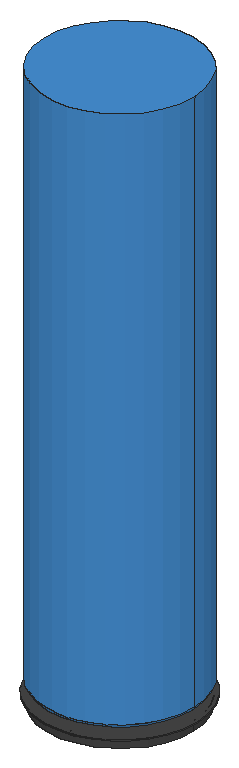
Revit family "Haworth_BuzziTotem_Cylinder", category Furniture, Revit 2018
Family settings
  OmniClass Number = 23.40.70.14.64.21
  OmniClass Title = Systems Furniture
  Work Plane-Based = No
  Always vertical = Yes
  Cut with Voids When Loaded = No
  Shared = No
  Room Calculation Point = No
Parameters (values of type "HCBZ-TTS2-32")
  Warranty = "http://www.haworth.com/resources/product-info/warranties"
  Upholstery Finish [instance] = Haworth _ Fabric _ Trevira CS _ Lavender BCS-6006
  URL - Product = "https://www.haworth.com/products/architectural-interiors/acoustic-solutions/buzzitotem"
  URL = "http://www.haworth.com/our-brands/haworth-collection"
  Small = no
  Size = "Verify Final Dim. w/ Haworth"  # constant formula
  Revision Number = "1"  # constant formula
  Model = "HCBZ-TTS2"  # constant formula
  Medium = no
  Manufacturer = "Haworth"  # constant formula
  Large = not(or(Medium, Small))  # yes
  Description = "Haworth BuzziTotem Cylinder Large"
  Casters = no
  Base Finish [instance] = Haworth _ Paint _ Black BTR-9005
  Author = "Haworth (Abd Rahman)"  # constant formula
  Assembly Code = "E2020200"
  Actual Width = 20.46875"  # constant formula
  Actual Height = if(Small, 47.23828", if(Medium, 61.01953", 74.80078"))  # 74.80078"
  Actual Depth = 20.46875"  # constant formula
Types (3): name | Small | Medium | Large | Description | Actual Height
  HCBZ-TTS2-32 | no | no | yes | "Haworth BuzziTotem Cylinder Large" | 74.80078"
  HCBZ-TTS2-22 | no | yes | no | "Haworth BuzziTotem Cylinder Medium" | 61.01953"
  HCBZ-TTS2-12 | yes | no | no | "Haworth BuzziTotem Cylinder Small" | 47.23828"
Reference planes (in)
  plane 1: z = 0
  plane 2 "Back": y = 11.98437
  plane 3 "Front": y = -8.48438
  plane 4 "Top": z = 74.80078
  plane 5 "Right": x = 42.54045
  plane 6 "Left": x = 22.0717
  plane 7: x = 32.30608
  plane 8: y = 1.75
  plane 9: z = 2.51969
  plane 10: z = 1.29921
  plane 11: z = 1.1811
  plane 12: z = 2.86758
Forms (in)
  Extrusion 1, solid, material "Haworth _ Paint _ Black BTR-9005" <- "Base Finish"
    sketch origin (0, 0, 0) x (1, 0, 0) y (0, 1, 0)
      loop
        circle (32.30608, 1.75) r 10.235
    from 1.1811 to 1.29921
  Extrusion 2, solid, material "Haworth _ Paint _ Black BTR-9005" <- "Base Finish"
    sketch origin (0, 0, 0) x (1, 0, 0) y (0, 1, 0)
      loop
        circle (32.30608, 1.75) r 9.69976
    from 0 to 1.1811
  Extrusion 3, solid, material "Haworth _ Paint _ Black BTR-9005" <- "Base Finish"
    sketch origin (0, 0, 0) x (1, 0, 0) y (0, 1, 0)
      loop
        circle (25.92616, 3.70422) r 0.42617
      loop
        circle (32.30608, 8.30825) r 0.42617
      loop
        circle (38.67221, 3.6898) r 0.42617
      loop
        circle (36.25481, -3.78056) r 0.42617
      loop
        circle (28.37064, -3.79732) r 0.42617
    from 1.29921 to 2.51969
  Blend 4, solid, material "Haworth _ Fabric _ Trevira CS _ Lavender BCS-6006" <- "Upholstery Finish"
    base sketch origin (0, 0, 0) x (1, 0, 0) y (0, 1, 0)
      loop
        circle (32.30608, 1.75) r 9.63473
    top sketch origin (0, 0, 0) x (1, 0, 0) y (0, 1, 0)
      loop
        circle (32.30608, 1.75) r 9.85394
    from 2.51969 to 2.86758
  Blend 5, solid, material "Haworth _ Fabric _ Trevira CS _ Lavender BCS-6006" <- "Upholstery Finish"
    base sketch origin (0, 0, 0) x (1, 0, 0) y (0, 1, 0)
      loop
        circle (32.30608, 1.75) r 9.85394
    top sketch origin (0, 0, 0) x (1, 0, 0) y (0, 1, 0)
      loop
        circle (32.30608, 1.75) r 9.85394
    from 2.86758 to 74.80078
  Extrusion 6, solid, material "Haworth _ Paint _ Black BTR-9005" <- "Base Finish", visible <- "Casters"
    sketch origin (0, -8.48438, 0) x (-1, 0, 0) y (0, 0, -1)
      loop
        line (-28.10536, -1.1747) -> (-26.67167, -1.1747) -> (-26.67167, 0.22196)
        arc (-26.67167, 0.22196) -> (-27.38852, 0.9388) -> (-28.10536, 0.22196) r 0.71684
        line (-28.10536, 0.22196) -> (-28.10536, -1.1747)
    from -2.8736 to -4.05845
  Revolve 7, solid, material "Haworth _ Paint _ Black BTR-9005" <- "Base Finish", visible <- "Casters"
    sketch origin (0, 0, -0.22656) x (1, 0, 0) y (0, 1, 0)
      loop
        line (27.38808, -5.44871) -> (28.25027, -5.44871)
        arc (28.25027, -5.44871) -> (28.31923, -5.42015) -> (28.3478, -5.35118) r 0.09754
        line (28.3478, -5.35118) -> (28.3478, -4.68614)
        arc (28.3478, -4.68614) -> (28.31884, -4.61622) -> (28.24892, -4.58726) r 0.09888
        line (28.24892, -4.58726) -> (27.38808, -4.58726) -> (27.38808, -5.44871)
      axis (27.38808, -4.58726) -> (27.38808, -5.44871)
    angle from 0 to 360
  Extrusion 8, solid, material "Haworth _ Paint _ Black BTR-9005" <- "Base Finish", visible <- "Casters"
    sketch origin (9.83076, -8.4882, 0) x (-1, 0, 0) y (0, 0, -1)
      loop
        line (-28.10536, -1.1747) -> (-26.67167, -1.1747) -> (-26.67167, 0.22196)
        arc (-26.67167, 0.22196) -> (-27.38852, 0.9388) -> (-28.10536, 0.22196) r 0.71684
        line (-28.10536, 0.22196) -> (-28.10536, -1.1747)
    from -2.8736 to -4.05845
  Revolve 9, solid, material "Haworth _ Paint _ Black BTR-9005" <- "Base Finish", visible <- "Casters"
    sketch origin (9.83076, -0.00382, -0.22656) x (1, 0, 0) y (0, 1, 0)
      loop
        line (27.38808, -5.44871) -> (28.25027, -5.44871)
        arc (28.25027, -5.44871) -> (28.31923, -5.42015) -> (28.3478, -5.35118) r 0.09754
        line (28.3478, -5.35118) -> (28.3478, -4.68614)
        arc (28.3478, -4.68614) -> (28.31884, -4.61622) -> (28.24892, -4.58726) r 0.09888
        line (28.24892, -4.58726) -> (27.38808, -4.58726) -> (27.38808, -5.44871)
      axis (27.38808, -4.58726) -> (27.38808, -5.44871)
    angle from 0 to 360
  Extrusion 10, solid, material "Haworth _ Paint _ Black BTR-9005" <- "Base Finish", visible <- "Casters"
    sketch origin (12.8768, 0.86851, 0) x (-1, 0, 0) y (0, 0, -1)
      loop
        line (-28.10536, -1.1747) -> (-26.67167, -1.1747) -> (-26.67167, 0.22196)
        arc (-26.67167, 0.22196) -> (-27.38852, 0.9388) -> (-28.10536, 0.22196) r 0.71684
        line (-28.10536, 0.22196) -> (-28.10536, -1.1747)
    from -2.8736 to -4.05845
  Revolve 11, solid, material "Haworth _ Paint _ Black BTR-9005" <- "Base Finish", visible <- "Casters"
    sketch origin (12.8768, 9.35289, -0.22656) x (1, 0, 0) y (0, 1, 0)
      loop
        line (27.38808, -5.44871) -> (28.25027, -5.44871)
        arc (28.25027, -5.44871) -> (28.31923, -5.42015) -> (28.3478, -5.35118) r 0.09754
        line (28.3478, -5.35118) -> (28.3478, -4.68614)
        arc (28.3478, -4.68614) -> (28.31884, -4.61622) -> (28.24892, -4.58726) r 0.09888
        line (28.24892, -4.58726) -> (27.38808, -4.58726) -> (27.38808, -5.44871)
      axis (27.38808, -4.58726) -> (27.38808, -5.44871)
    angle from 0 to 360
  Extrusion 12, solid, material "Haworth _ Paint _ Black BTR-9005" <- "Base Finish", visible <- "Casters"
    sketch origin (4.92299, 6.64561, 0) x (-1, 0, 0) y (0, 0, -1)
      loop
        line (-28.10536, -1.1747) -> (-26.67167, -1.1747) -> (-26.67167, 0.22196)
        arc (-26.67167, 0.22196) -> (-27.38852, 0.9388) -> (-28.10536, 0.22196) r 0.71684
        line (-28.10536, 0.22196) -> (-28.10536, -1.1747)
    from -2.8736 to -4.05845
  Revolve 13, solid, material "Haworth _ Paint _ Black BTR-9005" <- "Base Finish", visible <- "Casters"
    sketch origin (4.92299, 15.12999, -0.22656) x (1, 0, 0) y (0, 1, 0)
      loop
        line (27.38808, -5.44871) -> (28.25027, -5.44871)
        arc (28.25027, -5.44871) -> (28.31923, -5.42015) -> (28.3478, -5.35118) r 0.09754
        line (28.3478, -5.35118) -> (28.3478, -4.68614)
        arc (28.3478, -4.68614) -> (28.31884, -4.61622) -> (28.24892, -4.58726) r 0.09888
        line (28.24892, -4.58726) -> (27.38808, -4.58726) -> (27.38808, -5.44871)
      axis (27.38808, -4.58726) -> (27.38808, -5.44871)
    angle from 0 to 360
  Extrusion 14, solid, material "Haworth _ Paint _ Black BTR-9005" <- "Base Finish", visible <- "Casters"
    sketch origin (-3.04008, 0.87882, 0) x (-1, 0, 0) y (0, 0, -1)
      loop
        line (-28.10536, -1.1747) -> (-26.67167, -1.1747) -> (-26.67167, 0.22196)
        arc (-26.67167, 0.22196) -> (-27.38852, 0.9388) -> (-28.10536, 0.22196) r 0.71684
        line (-28.10536, 0.22196) -> (-28.10536, -1.1747)
    from -2.8736 to -4.05845
  Revolve 15, solid, material "Haworth _ Paint _ Black BTR-9005" <- "Base Finish", visible <- "Casters"
    sketch origin (-3.04008, 9.36319, -0.22656) x (1, 0, 0) y (0, 1, 0)
      loop
        line (27.38808, -5.44871) -> (28.25027, -5.44871)
        arc (28.25027, -5.44871) -> (28.31923, -5.42015) -> (28.3478, -5.35118) r 0.09754
        line (28.3478, -5.35118) -> (28.3478, -4.68614)
        arc (28.3478, -4.68614) -> (28.31884, -4.61622) -> (28.24892, -4.58726) r 0.09888
        line (28.24892, -4.58726) -> (27.38808, -4.58726) -> (27.38808, -5.44871)
      axis (27.38808, -4.58726) -> (27.38808, -5.44871)
    angle from 0 to 360
Cuts and joins
  joined: Blend 4, Blend 5
  joined: Extrusion 1, Extrusion 2, Extrusion 3
  joined: Extrusion 6, Revolve 7, Extrusion 8, Revolve 9, Extrusion 10, Revolve 11, Extrusion 12, Revolve 13, Extrusion 14, Revolve 15
Lines and regions (in)
  Masking region 1
    outline origin (0, 0, 0) x (1, 0, 0) y (0, 1, 0)
      loop
        circle (32.30608, 1.75) r 10.235
  symbolic lines
    curve 1: circle (32.30608, 1.75, 0) r 9.85394 normal (0, 0, 1)
Dimensions and locks (in)
  "Actual Width": plane 6 "Left" to plane 5 "Right"
  "Actual Depth": plane 3 "Front" to plane 2 "Back"
  "Actual Height": plane 4 "Top" to level
  equal spacing: plane 6 "Left", plane 7, plane 5 "Right"
  equal spacing: plane 2 "Back", plane 8, plane 3 "Front"
  plane 12 to plane 9 to plane 10 to plane 11 to plane 1 = 0.3479" locked, 1.22047" locked, 0.11811" locked, 1.1811" locked
  aligned and locked: Extrusion 1 to plane 11
  aligned and locked: plane 10 to Extrusion 1
  aligned and locked: Extrusion 2 to plane 1
  aligned and locked: plane 11 to Extrusion 2
  aligned and locked: Extrusion 3 to plane 10
  aligned and locked: plane 9 to Extrusion 3
  aligned and locked: Blend 4 to plane 12
  aligned and locked: Blend 4 to plane 9
  aligned and locked: plane 4 "Top" to Blend 5
  aligned and locked: plane 12 to Blend 5
  aligned and locked: cut or joined group of Blend 4, Blend 5 to plane 9
  aligned and locked: plane 12 to cut or joined group of Blend 4, Blend 5
  aligned and locked: plane 9 to cut or joined group of Extrusion 1, Extrusion 2, Extrusion 3
  aligned and locked: cut or joined group of Extrusion 1, Extrusion 2, Extrusion 3 to plane 10  (x2)
  aligned and locked: cut or joined group of Extrusion 1, Extrusion 2, Extrusion 3 to plane 11
  aligned and locked: cut or joined group of Extrusion 1, Extrusion 2, Extrusion 3 to plane 1
  aligned and locked: plane 11 to cut or joined group of Extrusion 1, Extrusion 2, Extrusion 3  (x2)
  aligned and locked: plane 9 to cut or joined group of Blend 4, Blend 5
  aligned and locked: cut or joined group of Blend 4, Blend 5 to plane 12
  aligned and locked: plane 7 to Extrusion 2 sketch curve
  aligned and locked: plane 8 to Extrusion 2 sketch curve
  aligned and locked: plane 7 to Extrusion 1 sketch curve
  aligned and locked: plane 8 to Extrusion 1 sketch curve
  aligned and locked: plane 7 to Blend 4 sketch curve  (x2)
  aligned and locked: plane 8 to Blend 4 sketch curve  (x2)
  aligned and locked: plane 7 to Blend 5 sketch curve  (x2)
  aligned and locked: plane 8 to Blend 5 sketch curve  (x2)
Automatic sketch dimensions
  curve 1 to plane 7 = 0"
  curve 1 to plane 8 = 0"
  Extrusion 3 sketch curve to plane 7 = 0"
  plane 7 to Extrusion 3 sketch curve = 3.93544"
  Extrusion 3 sketch curve to plane 6 "Left" = 3.85446"
  Extrusion 3 sketch curve to plane 7 = 3.94873"
  Extrusion 3 sketch curve to plane 5 "Right" = 3.86824"
  Extrusion 3 sketch curve to plane 3 "Front" = 4.68706"
  Extrusion 3 sketch curve to plane 3 "Front" = 4.70382"
  plane 8 to Extrusion 3 sketch curve = 1.9398"
  plane 8 to Extrusion 3 sketch curve = 1.95422"
  Extrusion 3 sketch curve to plane 2 "Back" = 3.67613"
  Masking region 1 sketch curve to plane 7 = 0"
  Masking region 1 sketch curve to plane 8 = 0"
  plane 11 to Extrusion 6 sketch curve = 0.0064"
  Extrusion 6 sketch curve to plane 7 = 4.20072"
  level to Extrusion 6 sketch curve = 0.22196"
  Extrusion 6 sketch curve to Extrusion 6 sketch curve = 0.71684"
  Revolve 7 sketch curve to plane 3 "Front" = 3.03566"
  plane 7 to Revolve 7 sketch curve = 4.918"
  Revolve 7 sketch curve to Revolve 7 sketch curve = 0.86083"
  Revolve 7 sketch curve to Revolve 7 sketch curve = 0.00135"
  Revolve 7 sketch curve to Revolve 7 sketch curve = 0.09754"
  Revolve 7 sketch curve to Revolve 7 sketch curve = 0.66504"
  Revolve 7 sketch curve to Revolve 7 sketch curve = 0"  (x3)
  plane 11 to Extrusion 8 sketch curve = 0.0064"
  plane 5 "Right" to Extrusion 8 sketch curve = 4.60433"
  level to Extrusion 8 sketch curve = 0.22196"
  Extrusion 8 sketch curve to Extrusion 8 sketch curve = 0.71684"
  Revolve 9 sketch curve to plane 7 = 4.91276"
  Revolve 9 sketch curve to Revolve 9 sketch curve = 0.86083"
  Revolve 9 sketch curve to Revolve 9 sketch curve = 0.00135"
  Revolve 9 sketch curve to Revolve 9 sketch curve = 0.09754"
  Revolve 9 sketch curve to plane 3 "Front" = 3.03184"
  Revolve 9 sketch curve to Revolve 9 sketch curve = 0.66504"
  Revolve 9 sketch curve to Revolve 9 sketch curve = 0"  (x3)
  plane 11 to Extrusion 10 sketch curve = 0.0064"
  plane 5 "Right" to Extrusion 10 sketch curve = 1.55829"
  level to Extrusion 10 sketch curve = 0.22196"
  Extrusion 10 sketch curve to Extrusion 10 sketch curve = 0.71684"
  Revolve 11 sketch curve to plane 5 "Right" = 2.27557"
  Revolve 11 sketch curve to Revolve 11 sketch curve = 0.86083"
  Revolve 11 sketch curve to Revolve 11 sketch curve = 0.00135"
  Revolve 11 sketch curve to Revolve 11 sketch curve = 0.09754"
  plane 8 to Revolve 11 sketch curve = 2.15417"
  Revolve 11 sketch curve to Revolve 11 sketch curve = 0.66504"
  Revolve 11 sketch curve to Revolve 11 sketch curve = 0"  (x3)
  plane 11 to Extrusion 12 sketch curve = 0.0064"
  plane 7 to Extrusion 12 sketch curve = 0.72227"
  plane 7 to Extrusion 12 sketch curve = 0.00542"
  level to Extrusion 12 sketch curve = 0.22196"
  Revolve 13 sketch curve to plane 7 = 0.00499"
  Revolve 13 sketch curve to plane 7 = 0.86582"
  Revolve 13 sketch curve to Revolve 13 sketch curve = 0.00135"
  Revolve 13 sketch curve to Revolve 13 sketch curve = 0.09754"
  Revolve 13 sketch curve to plane 2 "Back" = 2.3031"
  Revolve 13 sketch curve to Revolve 13 sketch curve = 0.66504"
  Revolve 13 sketch curve to Revolve 13 sketch curve = 0"  (x3)
  plane 11 to Extrusion 14 sketch curve = 0.0064"
  plane 6 "Left" to Extrusion 14 sketch curve = 2.99357"
  level to Extrusion 14 sketch curve = 0.22196"
  Extrusion 14 sketch curve to Extrusion 14 sketch curve = 0.71684"
  Revolve 15 sketch curve to plane 6 "Left" = 2.2763"
  Revolve 15 sketch curve to Revolve 15 sketch curve = 0.86083"
  Revolve 15 sketch curve to Revolve 15 sketch curve = 0.00135"
  Revolve 15 sketch curve to Revolve 15 sketch curve = 0.09754"
  plane 8 to Revolve 15 sketch curve = 2.16448"
  Revolve 15 sketch curve to Revolve 15 sketch curve = 0.66504"
  Revolve 15 sketch curve to Revolve 15 sketch curve = 0"  (x3)
  radius of curve 1 = 9.85394"
  radius of Extrusion 1 sketch curve = 10.235"
  radius of Extrusion 2 sketch curve = 9.69976"
  radius of Extrusion 3 sketch curve = 0.42617"  (x5)
  radius of Blend 4 sketch curve = 9.63473"
  radius of Blend 4 sketch curve = 9.85394"
  radius of Blend 5 sketch curve = 9.85394"  (x2)
  radius of Masking region 1 sketch curve = 10.235"
